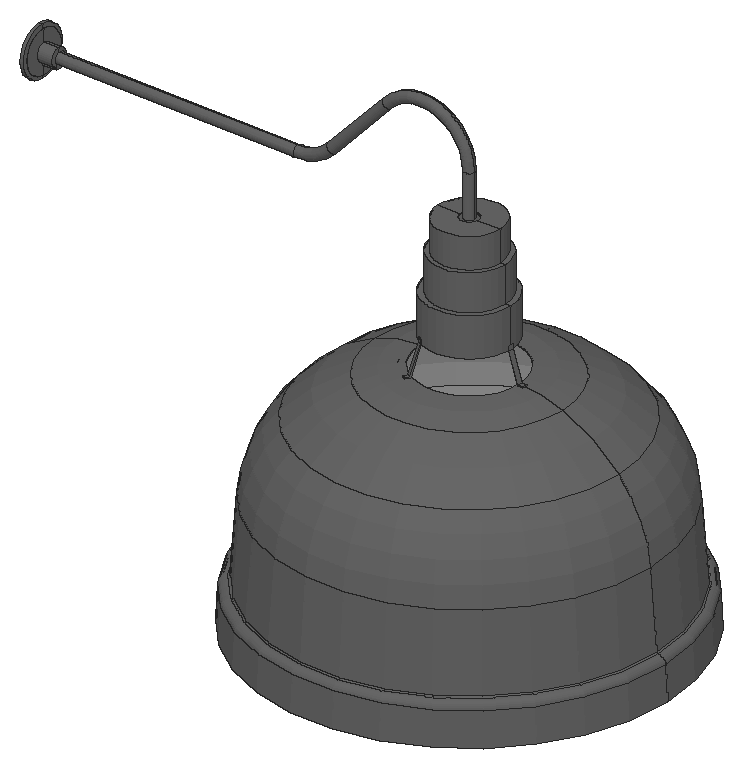
Revit family "OSUL LED 38", category Lighting Fixtures, Revit 2020
Family settings
  Round Connector Dimension = Use Diameter
  Part Type = Normal
  OmniClass Number = 23.80.70.00
  OmniClass Title = Lighting
  Work Plane-Based = No
  Always vertical = Yes
  Cut with Voids When Loaded = No
  Light Source = Yes
  Shared = No
  Room Calculation Point = No
Parameters (values of type "OSUL38")
  b = 0' - 2"
  a = 2' - 4"
  Weight = "17.0 lbs"
  Wattage Comments = "37 W"
  Wattage = 26.9284 W
  Warranty = "5 year limited warranty"  # constant formula
  built-in parameter 1150110 = 1 (stored number, unit not read)
  Voltage = 120 V
  URL = "https://www.anplighting.com/assets/Uploads/product-attachments/specification-sheets/ANP-Specification-Sheet-RLM-LED-OSUL38.pdf"
  built-in parameter 1114217 = 1 (stored number, unit not read)
  Tilt Angle = 90.00°
  built-in parameter 1150109 = 1 (stored number, unit not read)
  built-in parameter 1150134 = 12
  built-in parameter 1150113 = 1 (stored number, unit not read)
  Photometric Web File = "OSUL38M037LDNW40K.IES"
  OSUL38 = yes
  Mounting Option [instance] = 4
  Power Factor = 1
  Post Mount [instance] = Mounting Option = 5  # no
  Placement X axis side [instance] = if(Post Mount, 2' 2 15/32", if(Cord or Stem Mount, 0' 0", if(E36 20 inch, 1' 8 1/4", if(E 6 26 inch, 2' 2", if(E7 41 inch, 3' 5 1/4", 0' 1")))))  # 3' - 5 1/4"
  Model = "OSUL38"
  Manufacturer = "ANP Lighting"  # constant formula
  built-in parameter 1150105 = 318.31 (stored number, unit not read)
  Lumens = 4000 lm
  built-in parameter 1150115 = 1 (stored number, unit not read)
  Load Classification = Lighting
  Light Source Height [instance] = 0' - 0"
  built-in parameter 1150137 = (empty or 0)
  built-in parameter 1150139 = (empty or 0)
  Light Elevation _2 [instance] = if(Post Mount, 0' 0.66142", if(E7 41 inch, 0' 0.66142", if(E36 20 inch, 0' 1.65748", if(E 6 26 inch, 0' 1.53543", if(Cord or Stem Mount, (0' 4.3622" + Cord Length), 0' 0")))))  # 0' - 0.66142"
  Light Elevation _1 [instance] = if(Post Mount, 0' 0", if(E7 41 inch, 0' 0", if(E36 20 inch, 0' 1", if(E 6 26 inch, 0' 0.87402", if(Cord or Stem Mount, (0' 3.66142" + Cord Length), 0' 0")))))  # 0' - 0"
  Light Elevation [instance] = if(Post Mount, 14' 0.5315", if(E7 41 inch, 0' 0", 0' 0"))  # 0' - 0"
  Life = "L70 50,000 hours"  # constant formula
  built-in parameter 1150112 = 1 (stored number, unit not read)
  built-in parameter 1150114 = 1 (stored number, unit not read)
  Lamp = "LED"
  built-in parameter 1150132 = 2
  built-in parameter 1150102 = (empty or 0)
  built-in parameter 1150107 = 4000 (stored number, unit not read)
  built-in parameter 1150138 = (empty or 0)
  built-in parameter 1150106 = 3.1831 (stored number, unit not read)
  INSIDE BODY = Default
  Fixture Height = 2' - 11"
  Fixture Diameter = 3' - 2"
  Efficiency = "65-125 lumens per watt"  # constant formula
  built-in parameter 1150104 = 13.8 (stored number, unit not read)
  E7 41 inch [instance] = Mounting Option = 4  # yes
  E36 20 inch [instance] = Mounting Option = 3  # no
  E 6 26 inch [instance] = Mounting Option = 2  # no
  Dimming Lamp Color Temperature Shift = <None>
  Dimming = "1%"  # constant formula
  Description = "120-277 Voltage"  # constant formula
  Default Elevation = 0' - 0"
  Cord or Stem Mount [instance] = Mounting Option = 1  # no
  Cord Length option [instance] = 0
  Cord Length [instance] = if([2' Cord], 2' 0", if([4' Cord], 4' 0", if([8' Cord], 8' 0", if([10' Cord], 10' 0", if([6' Cord], 6' 0", 6' 0")))))  # 6' - 0"
  Construction Material = "Heavy Duty spun aluminum."  # constant formula
  Color Filter = 16777215
  Canopy Body = body
  CRI = ">90"  # constant formula
  Bulb = Glass
  Body Material = body
  Body Colour = "Spun aluminium"  # constant formula
  built-in parameter 1114218 = 1 (stored number, unit not read)
  built-in parameter 1150133 = 10 (stored number, unit not read)
  Apparent Load = 37 VA
  8' Cord [instance] = Cord Length option = 8  # no
  6' Cord [instance] = Cord Length option = 6  # no
  4' Cord [instance] = Cord Length option = 4  # no
  2' Cord [instance] = Cord Length option = 2  # no
  10' Cord [instance] = Cord Length option = 10  # no
Reference planes (in)
  plane 1 "Light Source Axis (F/B)": y = 0
  plane 2: z = 0
  plane 3 "Light Source Axis (L/R)": x = 0
  plane 4 "Light Source Elevation": z = 0
  plane 5: z = 0
  plane 6: x = 41.25
  plane 7 "Bulb Position": z = -0.66142
  plane 8 "Canopy Position": z = 0
  plane 9 "IES": z = -0.66142
  plane 10: z = 164.5315
  plane 11: z = -28
  plane 12: z = -26
  plane 13: z = -23.56887
Dimensions and locks (in)
  "Light Elevation": plane 5 to plane 2
  "Placement X axis side": plane 6 to plane 3 "Light Source Axis (L/R)"
  "Light Elevation _2": plane 5 to plane 7 "Bulb Position"
  "Light Elevation _1": plane 5 to plane 8 "Canopy Position"
  "Light Source Height": plane 7 "Bulb Position" to plane 9 "IES"
  plane 4 "Light Source Elevation" to plane 2 = 0' - 0"
  "a": plane 8 "Canopy Position" to plane 11
  "b": plane 12 to plane 11
  locked: plane 13 to plane 12 at 2.43113
  aligned and locked: level to plane 2
  aligned and locked: plane 1 "Light Source Axis (F/B)" to nested 5
  aligned and locked: nested 5 to plane 2
  aligned and locked: nested 1 to plane 3 "Light Source Axis (L/R)"
  aligned and locked: plane 3 "Light Source Axis (L/R)" to nested 2
  aligned and locked: plane 3 "Light Source Axis (L/R)" to nested 4
  aligned and locked: nested 3 to plane 5
  aligned and locked: plane 3 "Light Source Axis (L/R)" to nested 3
  aligned and locked: plane 3 "Light Source Axis (L/R)" to nested 5
  aligned and locked: plane 1 "Light Source Axis (F/B)" to nested 2
  aligned and locked: plane 1 "Light Source Axis (F/B)" to nested 1
  aligned and locked: plane 1 "Light Source Axis (F/B)" to nested 4
  aligned and locked: plane 1 "Light Source Axis (F/B)" to nested 3
  aligned and locked: plane 2 to nested 1
  aligned and locked: nested 2 to plane 2
  aligned and locked: nested 4 to plane 2
  aligned and locked: plane 6 to imposter light
  aligned and locked: imposter light to plane 12
  aligned and locked: plane 1 "Light Source Axis (F/B)" to nested 6
  aligned and locked: plane 6 to nested 6
  aligned and locked: nested 6 to plane 8 "Canopy Position"
Nested families (in)
  nested 1: "CORD OR STEM MOUNT" at (0, 0, -75.67), visible <- "Cord or Stem Mount", Cord or Stem Mount <- "Cord or Stem Mount", Body Material <- "Body Material", Light Elevation <- "Light Elevation", Cord Length <- "Cord Length", 10' Cord <- "10' Cord", 2' Cord <- "2' Cord", 4' Cord <- "4' Cord", 6' Cord <- "6' Cord", 8' Cord <- "8' Cord", type "CORD OR STEM MOUNT"
    with Light Elevation 0' - 0", Cord or Stem Mount no, Cord Length 6' - 0", Body Material body, 8' Cord no, 6' Cord no, 4' Cord no, 2' Cord no, 10' Cord no
  nested 2: "E6 26 INCH" at (41.25, 0, 0), visible <- "E 6 26 inch", Chain Length <- "Cord Length", E 6 26 inch <- "E 6 26 inch", Placement X axis side <- "Placement X axis side", Body Material <- "Body Material", Light Elevation <- "Light Elevation", type "E6 26 INCH"
    with Placement X axis side 3' - 5 1/4", Light Elevation 0' - 0", E 6 26 inch no, Chain Length 6' - 0", Body Material body
  nested 3: "E7 41 INCH" at (41.25, 0, 0), Chain Length <- "Cord Length", visible <- "E7 41 inch", E7 41 inch <- "E7 41 inch", Placement X axis side <- "Placement X axis side", Body Material <- "Body Material", Light Elevation <- "Light Elevation", type "E7 41 INCH"
    with Placement X axis side 3' - 5 1/4", Light Elevation 0' - 0", E7 41 inch yes, Chain Length 6' - 0", Body Material body
  nested 4: "E36 20 INCH" at (41.25, 0, 0), visible <- "E36 20 inch", E36 20 inch <- "E36 20 inch", Placement X axis side <- "Placement X axis side", Chain Length <- "Cord Length", Body Material <- "Body Material", Light Elevation <- "Light Elevation", type "E36 20 INCH"
    with Placement X axis side 3' - 5 1/4", Light Elevation 0' - 0", E36 20 inch no, Chain Length 6' - 0", Body Material body
  nested 5: "POST MOUNT" at (41.25, 0, 0), visible <- "Post Mount", Post Mount <- "Post Mount", Placement X axis side <- "Placement X axis side", Chain Length <- "Cord Length", Body Material <- "Body Material", Light Elevation <- "Light Elevation", type "POST MOUNT"
    with Post Mount no, Placement X axis side 3' - 5 1/4", Light Elevation 0' - 0", Chain Length 6' - 0", Body Material body
  nested 6: "OSUL38 A" at (41.25, 0, 0), Body <- "Canopy Body", Bulb <- "Bulb", INSIDE BODY <- "INSIDE BODY", Light Elevation <- "Light Elevation", type "OSUL38 A"
    with UL 438 yes, Light Elevation 0' - 0", INSIDE BODY Default, Bulb Glass, Body body
Definition of nested family "E7 41 INCH"
  Parameters (values of type "E7 41 INCH")
    URL = ""
    Placement X axis side [instance] = 4' - 2"
    Model = ""
    Manufacturer = ""
    Light Elevation [instance] = 8' - 4"
    E7 41 inch [instance] = yes
    Default Elevation = 0' - 0"
    Chain Length [instance] = 0' - 0"
    Body Material [instance] = none
  Reference planes (in)
    plane 1 "Light Source Axis (F/B)": y = 0
    plane 2: z = 0
    plane 3 "Light Source Axis (L/R)": x = 0
    plane 4 "Light Source Elevation": z = 23.125
    plane 5: z = 100
    plane 6: x = -50
  Forms (in)
    Extrusion 1, void, not visible
      sketch origin (0, 0, 2.38154) x (1, 0, 0) y (0, 0, 1)
        loop
          circle (0, 4.59925) r 0.16583
      from 1.18594 to 1.75
    Extrusion 2, void, not visible
      sketch origin (0, 0, 2.38154) x (0.707107, -0.707107, 0) y (0, 0, 1)
        loop
          circle (0, 4.59925) r 0.16583
      from 1.18594 to 1.75
    Extrusion 3, void, not visible
      sketch origin (0, 0, 2.38154) x (0.707107, 0.707107, 0) y (0, 0, 1)
        loop
          circle (0, 4.59925) r 0.16583
      from 1.18594 to 1.75
    Extrusion 4, void, not visible
      sketch origin (0, 0, 2.38154) x (0, 1, 0) y (0, 0, 1)
        loop
          circle (0, 4.59925) r 0.16583
      from 1.18594 to 1.75
    Extrusion 5, void, not visible
      sketch origin (0, 0, 2.38154) x (-0.707107, 0.707107, 0) y (0, 0, 1)
        loop
          circle (0, 4.59925) r 0.16583
      from 1.18594 to 1.75
    Extrusion 6, void, not visible
      sketch origin (0, 0, 2.38154) x (-1, 0, 0) y (0, 0, 1)
        loop
          circle (0, 4.59925) r 0.20678
      from 1.18594 to 1.75
    Extrusion 7, void, not visible
      sketch origin (0, 0, 2.38154) x (-0.707107, -0.707107, 0) y (0, 0, 1)
        loop
          circle (0, 4.59925) r 0.16583
      from 1.18594 to 1.75
    Extrusion 8, void, not visible
      sketch origin (0, 0, 2.38154) x (0, -1, 0) y (0, 0, 1)
        loop
          circle (0, 4.59925) r 0.16583
      from 1.18594 to 1.75
    Revolve 9, solid, material <- "Body Material", visible <- "E7 41 inch"
      sketch origin (-41.25, 0, 168.39193) x (1, 0, 0) y (0, 0, 1)
        loop
          line (-8.75, -66.20443) -> (-8.75, -68.51693) -> (-6.87, -68.51693) -> (-6.87, -67.69272) -> (-8.2974, -67.69272) -> (-8.2974, -66.54122) -> (-8.41875, -66.54122) -> (-8.41875, -66.20443) -> (-8.75, -66.20443)
        axis (-8.75, -68.51693) -> (-6.87, -68.51693)
      angle from 0 to 360
    Extrusion 10, solid, material <- "Body Material", visible <- "E7 41 inch"
      sketch origin (-41.25, 0, 168.39193) x (0, -1, 0) y (0, 0, -1)
        loop
          line (0.25, 68.51693) -> (0.25, 69.51693) -> (-0.25, 69.51693) -> (-0.25, 68.51693) -> (0.25, 68.51693)
      from -8.2974 to -6.87
    Sweep 11, solid, material <- "Body Material", visible <- "E7 41 inch"
      path origin (-41.25, 0, 168.39193) x (1, 0, 0) y (0, 0, 1)
        loop
          line (-6.87, -68.51693) -> (16.04011, -68.51693)
          arc (16.04011, -68.51693) -> (17.864, -68.13651) -> (19.38375, -67.0587) r 4.5625
          line (19.38375, -67.0587) -> (24.70217, -61.33018)
          arc (24.70217, -61.33018) -> (29.64465, -60.20324) -> (32.5, -64.39193) r 4.5
          line (32.5, -64.39193) -> (32.5, -68.39193)
      profile origin (-36.66494, 0, 99.875) x (0, 0, 1) y (0, -1, 0)
        loop
          circle (0, 0) r 0.5
  Dimensions and locks (in)
    "Placement X axis side": plane 3 "Light Source Axis (L/R)" to plane 6
    "Light Elevation": plane 5 to plane 2
    locked: Revolve 9 sketch curve to Revolve 9 sketch curve at 0.33125
    locked: Revolve 9 sketch curve to Revolve 9 sketch curve at 0.4526
    locked: Revolve 9 sketch curve to Revolve 9 sketch curve at 1.88
    locked: Revolve 9 sketch curve to Revolve 9 sketch curve at 0.82421
    locked: Revolve 9 sketch curve to Revolve 9 sketch curve at 1.1515
    locked: Revolve 9 sketch curve to Revolve 9 sketch curve at 0.33679
    locked: plane 5 to Revolve 9 sketch curve at 0.125
    locked: Extrusion 10 sketch curve to Extrusion 10 sketch curve at 0.5
    locked: Extrusion 10 sketch curve to Extrusion 10 sketch curve at 1
    locked: plane 5 to Extrusion 10 sketch curve at 0.125
    locked: plane 5 to Sweep 11 sketch curve at 0.125
    locked: Sweep 11 sketch curve to Sweep 11 sketch curve at 39.37
    locked: Sweep 11 sketch curve to Sweep 11 sketch curve at 4
    locked: plane 6 to Extrusion 10 at 0.4526
    locked: Sweep 11 sketch curve to plane 6 at 1.88
    locked: Extrusion 10 to Extrusion 10 at 1.4274
    aligned and locked: plane 2 to level
    aligned and locked: Revolve 9 sketch curve to plane 6
  Automatic sketch dimensions
    Revolve 9 sketch curve to plane 5 = 0' - 0 1/8"
    plane 6 to Revolve 9 sketch curve = 0' - 0.62562"
    Revolve 9 sketch curve to Revolve 9 sketch curve = 0' - 0 1/2"
    plane 1 "Light Source Axis (F/B)" to Extrusion 10 sketch curve = 0' - 0 1/4"
    Sweep 11 sketch curve to plane 5 = 0' - 0"
    Sweep 11 sketch curve to Sweep 11 sketch curve = 0' - 4 1/2"
    Sweep 11 sketch curve to Sweep 11 sketch curve = 0' - 3.29783"
    plane 5 to Sweep 11 sketch curve = 0' - 1.33323"
    Sweep 11 sketch curve to Sweep 11 sketch curve = 0' - 5.31842"
    Sweep 11 sketch curve to Sweep 11 sketch curve = 0' - 3.34364"
    profile plane to Sweep 11 sketch curve = 0' - 0"
    Sweep 11 sketch curve to profile plane = 0' - 0"
    radius of Sweep 11 sketch curve = 0' - 0 1/2"
Definition of nested family "OSUL38 A"
  Parameters (values of type "OSUL38 A")
    UL 438 [instance] = yes
    Light Elevation [instance] = 0' - 0"
    INSIDE BODY [instance] = none
    Default Elevation = 0' - 0"
    Bulb [instance] = none
    Body [instance] = none
  Reference planes (in)
    plane 1 "Center (Front/Back)": y = 0
    plane 2: z = 0
    plane 3 "Center (Left/Right)": x = 0
    plane 4: z = 0
  Dimensions and locks (in)
    "Light Elevation": plane 4 to plane 2
    aligned and locked: plane 2 to level
    aligned and locked: plane 3 "Center (Left/Right)" to nested 1
    aligned and locked: plane 1 "Center (Front/Back)" to nested 1
    aligned and locked: plane 4 to nested 1
  Nested families (in)
    nested 1: "Family12" at (0, 0, -35), INSIDE BODY <- "INSIDE BODY", Bulb <- "Bulb", Body <- "Body", visible <- "UL 438", UL 438 <- "UL 438", type "Family12"
      with UL 438 yes, INSIDE BODY none, Bulb none, Body none
  Definition of nested family "Family12"
    Parameters (values of type "Family12")
      UL 438 [instance] = yes
      INSIDE BODY [instance] = none
      Default Elevation = 0' - 0"
      Bulb [instance] = none
      Body [instance] = none
    Reference planes (in)
      plane 1 "Center (Front/Back)": y = 0
      plane 2: z = 0
      plane 3 "Center (Left/Right)": x = 0
      plane 4: z = 13
    Forms (in)
      Revolve 1, solid, material <- "Body", visible <- "UL 438"
        sketch origin (0, 0, 0) x (1, 0, 0) y (0, 0, 1)
          loop
            line (18.94502, 0) -> (18.99509, 0) -> (18.82991, 3.1518)
            arc (18.82991, 3.1518) -> (18.59674, 3.62946) -> (18.09106, 3.79322) r 0.67966
            arc (18.09106, 3.79322) -> (17.9871, 3.82604) -> (17.93711, 3.92293) r 0.14187
            arc (17.93711, 3.92293) -> (17.66844, 7.46444) -> (17.44371, 11.00902) r 286.43879
            arc (17.44371, 11.00902) -> (16.46184, 14.69776) -> (14.31066, 17.85106) r 11.32974
            arc (14.31066, 17.85106) -> (11.8073, 19.95163) -> (8.92192, 21.48582) r 15.63164
            arc (8.92192, 21.48582) -> (6.875, 22.09214) -> (4.75, 22.29676) r 11.13679
            line (4.75, 22.29676) -> (4.75, 22.24676)
            arc (4.75, 22.24676) -> (6.86546, 22.04306) -> (8.90319, 21.43946) r 11.08679
            arc (8.90319, 21.43946) -> (11.77934, 19.91018) -> (14.27469, 17.81633) r 15.58164
            arc (14.27469, 17.81633) -> (16.4162, 14.67733) -> (17.39384, 11.00532) r 11.27974
            arc (17.39384, 11.00532) -> (17.61859, 7.46055) -> (17.88728, 3.91884) r 286.48879
            arc (17.88728, 3.91884) -> (17.95488, 3.7878) -> (18.09548, 3.74341) r 0.19187
            arc (18.09548, 3.74341) -> (18.56396, 3.5917) -> (18.77998, 3.14918) r 0.62966
            line (18.77998, 3.14918) -> (18.94502, 0)
          loop
            line (0.85843, 35) -> (0.85843, 34.95) -> (2.95, 34.95) -> (2.95, 32.07709) -> (3.4019, 32.07709) -> (3.4019, 28.68389) -> (3.9019, 28.68389) -> (3.9019, 24.99951) -> (3.9519, 24.99951) -> (3.9519, 28.73389) -> (3.4519, 28.73389) -> (3.4519, 32.12709) -> (3, 32.12709) -> (3, 35) -> (0.85843, 35)
          axis (0, 35) -> (0, 0)
        angle from 0 to 360
      Extrusion 2, solid, material <- "Body", visible <- "UL 438"
        sketch origin (0, 0.2138, 0) x (1, 0, 0) y (0, 0, 1)
          loop
            line (3.94877, 24.98389) -> (4.80962, 22.26551) -> (5.29604, 22.26551) -> (5.29604, 22.34377) -> (4.83728, 22.34377) -> (3.99877, 24.99161) -> (3.99877, 25.38023) -> (3.94877, 25.38023) -> (3.94877, 24.98389)
        from 0 to 0.4276
      Extrusion 3, solid, material <- "Body", visible <- "UL 438"
        sketch origin (0.18515, -0.1069, 0) x (-0.5, -0.866025, 0) y (0, 0, 1)
          loop
            line (3.94877, 24.98389) -> (4.80962, 22.26551) -> (5.29604, 22.26551) -> (5.29604, 22.34377) -> (4.83728, 22.34377) -> (3.99877, 24.99161) -> (3.99877, 25.38023) -> (3.94877, 25.38023) -> (3.94877, 24.98389)
        from 0 to 0.4276
      Extrusion 4, solid, material <- "Body", visible <- "UL 438"
        sketch origin (-0.18515, -0.1069, 0) x (-0.5, 0.866025, 0) y (0, 0, 1)
          loop
            line (3.94877, 24.98389) -> (4.80962, 22.26551) -> (5.29604, 22.26551) -> (5.29604, 22.34377) -> (4.83728, 22.34377) -> (3.99877, 24.99161) -> (3.99877, 25.38023) -> (3.94877, 25.38023) -> (3.94877, 24.98389)
        from 0 to 0.4276
      Revolve 5, solid, material <- "INSIDE BODY", visible <- "UL 438"
        sketch origin (0, 0, 0) x (1, 0, 0) y (0, 0, 1)
          loop
            line (5.42701, 22.07767) -> (5.42701, 22.02754)
            arc (5.42701, 22.02754) -> (8.25121, 21.46159) -> (10.85104, 20.2217) r 11.67997
            arc (10.85104, 20.2217) -> (12.82945, 18.77826) -> (14.61519, 17.10232) r 19.86204
            arc (14.61519, 17.10232) -> (16.39912, 14.19111) -> (17.21897, 10.87669) r 11.15535
            arc (17.21897, 10.87669) -> (17.44206, 7.34757) -> (17.71225, 3.82174) r 264.92049
            arc (17.71225, 3.82174) -> (17.76709, 3.65109) -> (17.92533, 3.56691) r 0.23834
            arc (17.92533, 3.56691) -> (18.02207, 3.56878) -> (18.11883, 3.56777) r 3.26551
            arc (18.11883, 3.56777) -> (18.17088, 3.5615) -> (18.22082, 3.54555) r 0.27732
            arc (18.22082, 3.54555) -> (18.31359, 3.51041) -> (18.39866, 3.45939) r 0.55793
            arc (18.39866, 3.45939) -> (18.56418, 3.27215) -> (18.63526, 3.03256) r 0.57845
            arc (18.63526, 3.03256) -> (18.72928, 1.51698) -> (18.79685, 0) r 87.069
            line (18.79685, 0) -> (18.84688, 0)
            arc (18.84688, 0) -> (18.77926, 1.51875) -> (18.68514, 3.03609) r 87.119
            arc (18.68514, 3.03609) -> (18.60791, 3.29639) -> (18.42809, 3.49982) r 0.62845
            arc (18.42809, 3.49982) -> (18.33683, 3.5547) -> (18.2374, 3.59282) r 0.60793
            arc (18.2374, 3.59282) -> (18.17989, 3.61071) -> (18.12009, 3.61776) r 0.32732
            arc (18.12009, 3.61776) -> (18.02368, 3.61878) -> (17.92728, 3.61701) r 3.31551
            arc (17.92728, 3.61701) -> (17.80324, 3.68585) -> (17.76243, 3.82172) r 0.18834
            arc (17.76243, 3.82172) -> (17.49206, 7.34937) -> (17.26884, 10.88032) r 264.87049
            arc (17.26884, 10.88032) -> (16.44516, 14.21063) -> (14.65248, 17.13565) r 11.20535
            arc (14.65248, 17.13565) -> (12.86186, 18.81635) -> (10.87796, 20.26384) r 19.91204
            arc (10.87796, 20.26384) -> (8.26525, 21.50962) -> (5.42701, 22.07767) r 11.72997
          axis (0, 0) -> (0, 22.07767)
        angle from 0 to 360
      Revolve 6, solid, material <- "Bulb", visible <- "UL 438"
        sketch origin (0, 0, -0.05) x (1, 0, 0) y (0, 0, 1)
          loop
            line (2.12796, 15) -> (4.5, 15) -> (4.5, 15.05) -> (2.10744, 15.05)
            arc (2.10744, 15.05) -> (1.99708, 15.00597) -> (1.94733, 14.89805) r 0.16033
            arc (1.94733, 14.89805) -> (1.34233, 13.58556) -> (0, 13.05) r 1.95
            line (0, 13.05) -> (0, 13)
            arc (0, 13) -> (1.36972, 13.54265) -> (1.99616, 14.87613) r 2
            arc (1.99616, 14.87613) -> (2.03752, 14.96417) -> (2.12796, 15) r 0.13205
          axis (0, 15.05) -> (0, 13)
        angle from 0 to 360
    Dimensions and locks (in)
      locked: Revolve 6 to plane 2 at 15
      plane 4 to plane 2 = 1' - 1"
      aligned and locked: plane 2 to level
Definition of nested family "CORD OR STEM MOUNT"
  Parameters (values of type "CORD OR STEM MOUNT")
    URL = ""
    Model = ""
    Manufacturer = ""
    Light Elevation [instance] = 1' - 7.69"
    Default Elevation = 0' - 0"
    Cord or Stem Mount [instance] = yes
    Cord Length [instance] = 6' - 0"
    Body Material [instance] = none
    8' Cord [instance] = no
    6' Cord [instance] = no
    4' Cord [instance] = no
    2' Cord [instance] = no
    10' Cord [instance] = no
  Reference planes (in)
    plane 1 "Light Source Axis (F/B)": y = 0
    plane 2: z = 0
    plane 3 "Light Source Axis (L/R)": x = 0
    plane 4 "Light Source Elevation": z = 23.125
    plane 5: z = 91.69
    plane 6: z = 19.69
  Forms (in)
    Extrusion 1, void, not visible
      sketch origin (0, 0, 2.38154) x (1, 0, 0) y (0, 0, 1)
        loop
          circle (0, 4.59925) r 0.16583
      from 1.18594 to 1.75
    Extrusion 2, void, not visible
      sketch origin (0, 0, 2.38154) x (0.707107, -0.707107, 0) y (0, 0, 1)
        loop
          circle (0, 4.59925) r 0.16583
      from 1.18594 to 1.75
    Extrusion 3, void, not visible
      sketch origin (0, 0, 2.38154) x (0.707107, 0.707107, 0) y (0, 0, 1)
        loop
          circle (0, 4.59925) r 0.16583
      from 1.18594 to 1.75
    Extrusion 4, void, not visible
      sketch origin (0, 0, 2.38154) x (0, 1, 0) y (0, 0, 1)
        loop
          circle (0, 4.59925) r 0.16583
      from 1.18594 to 1.75
    Extrusion 5, void, not visible
      sketch origin (0, 0, 2.38154) x (-0.707107, 0.707107, 0) y (0, 0, 1)
        loop
          circle (0, 4.59925) r 0.16583
      from 1.18594 to 1.75
    Extrusion 6, void, not visible
      sketch origin (0, 0, 2.38154) x (-1, 0, 0) y (0, 0, 1)
        loop
          circle (0, 4.59925) r 0.20678
      from 1.18594 to 1.75
    Extrusion 7, void, not visible
      sketch origin (0, 0, 2.38154) x (-0.707107, -0.707107, 0) y (0, 0, 1)
        loop
          circle (0, 4.59925) r 0.16583
      from 1.18594 to 1.75
    Extrusion 8, void, not visible
      sketch origin (0, 0, 2.38154) x (0, -1, 0) y (0, 0, 1)
        loop
          circle (0, 4.59925) r 0.16583
      from 1.18594 to 1.75
    Revolve 9, solid, material <- "Body Material", visible <- "Cord or Stem Mount"
      sketch origin (0, 0, 174.56698) x (1, 0, 0) y (0, 0, 1)
        loop
          line (2.6875, -79.20698) -> (0, -79.20698) -> (0, -82.87698) -> (0.125, -82.87698) -> (0.125, -82.83698) -> (0.75, -82.83698)
          arc (0.75, -82.83698) -> (0.81694, -82.77004) -> (0.75, -82.7031) r 0.06694
          line (0.75, -82.7031) -> (0.89763, -82.7031) -> (1.00223, -82.5985) -> (1.06587, -82.5985)
          arc (1.06587, -82.5985) -> (1.80099, -82.29401) -> (2.10549, -81.55888) r 1.03962
          line (2.10549, -81.55888) -> (2.10549, -81.03899)
          arc (2.10549, -81.03899) -> (2.12951, -80.981) -> (2.1875, -80.95698) r 0.08201
          line (2.1875, -80.95698) -> (2.1875, -80.70698) -> (2.6875, -80.70698) -> (2.6875, -79.20698)
        axis (0, -79.20698) -> (0, -82.87698)
      angle from 0 to 360
    Revolve 10, solid, material <- "Body Material", visible <- "Cord or Stem Mount"
      sketch origin (0, 0, 0) x (1, 0, 0) y (0, 0, 1)
        loop
          line (0, 91.69) -> (-0.125, 91.69) -> (-0.125, 19.69) -> (0, 19.69) -> (0, 91.69)
        axis (0, 19.69) -> (0, 91.69)
      angle from 0 to 360
  Dimensions and locks (in)
    "Light Elevation": plane 6 to plane 2
    "Cord Length": plane 5 to plane 6
    locked: Revolve 10 sketch curve to Revolve 10 sketch curve at 0.125
    aligned and locked: level to plane 2
    aligned and locked: Revolve 10 sketch curve to plane 3 "Light Source Axis (L/R)"
    aligned and locked: Revolve 10 sketch curve to plane 6
    aligned and locked: Revolve 10 sketch curve to plane 5
    aligned and locked: plane 3 "Light Source Axis (L/R)" to Revolve 10 sketch curve
  Automatic sketch dimensions
    Revolve 9 sketch curve to plane 3 "Light Source Axis (L/R)" = 0' - 0"  (x2)
    Revolve 9 sketch curve to plane 5 = 0' - 0"
    plane 3 "Light Source Axis (L/R)" to Revolve 9 sketch curve = 0' - 0 1/8"
    Revolve 9 sketch curve to plane 5 = 0' - 0.17388"
    Revolve 9 sketch curve to Revolve 9 sketch curve = 0' - 0 5/8"
    Revolve 9 sketch curve to Revolve 9 sketch curve = 0' - 0.14763"
    Revolve 9 sketch curve to plane 5 = 0' - 0.27847"
    Revolve 9 sketch curve to Revolve 9 sketch curve = 0' - 0.1046"
    Revolve 9 sketch curve to Revolve 9 sketch curve = 0' - 0.06364"
    Revolve 9 sketch curve to Revolve 9 sketch curve = 0' - 1.03962"
    Revolve 9 sketch curve to Revolve 9 sketch curve = 0' - 0 21/256"
    Revolve 9 sketch curve to Revolve 9 sketch curve = 0' - 0 1/2"  (x2)
    Revolve 9 sketch curve to Revolve 9 sketch curve = 0' - 0.51989"
    Revolve 9 sketch curve to Revolve 9 sketch curve = 0' - 0 1/4"
    Revolve 9 sketch curve to Revolve 9 sketch curve = 0' - 2.3519"
    Revolve 9 sketch curve to Revolve 9 sketch curve = 0' - 1 1/4"
    Revolve 9 sketch curve to Revolve 9 sketch curve = 0' - 0.04"
    Revolve 10 sketch curve to Revolve 10 sketch curve = 0' - 0 1/2"
    Revolve 10 sketch curve to Revolve 10 sketch curve = 0' - 0.42345"
Definition of nested family "E6 26 INCH"
  Parameters (values of type "E6 26 INCH")
    URL = ""
    Placement X axis side [instance] = 2' - 2"
    Model = ""
    Manufacturer = ""
    Light Elevation [instance] = 8' - 4"
    E 6 26 inch [instance] = yes
    Default Elevation = 0' - 0"
    Chain Length [instance] = 0' - 0"
    Body Material [instance] = none
  Reference planes (in)
    plane 1 "Light Source Axis (F/B)": y = 0
    plane 2: z = 0
    plane 3 "Light Source Axis (L/R)": x = 0
    plane 4 "Light Source Elevation": z = 23.125
    plane 5: z = 100
    plane 6: x = -26
    plane 7: z = 99.125
    plane 8: x = -24.12
    plane 9: x = -25.5474
  Forms (in)
    Extrusion 1, void, not visible
      sketch origin (0, 0, 2.38154) x (1, 0, 0) y (0, 0, 1)
        loop
          circle (0, 4.59925) r 0.16583
      from 1.18594 to 1.75
    Extrusion 2, void, not visible
      sketch origin (0, 0, 2.38154) x (0.707107, -0.707107, 0) y (0, 0, 1)
        loop
          circle (0, 4.59925) r 0.16583
      from 1.18594 to 1.75
    Extrusion 3, void, not visible
      sketch origin (0, 0, 2.38154) x (0.707107, 0.707107, 0) y (0, 0, 1)
        loop
          circle (0, 4.59925) r 0.16583
      from 1.18594 to 1.75
    Extrusion 4, void, not visible
      sketch origin (0, 0, 2.38154) x (0, 1, 0) y (0, 0, 1)
        loop
          circle (0, 4.59925) r 0.16583
      from 1.18594 to 1.75
    Extrusion 5, void, not visible
      sketch origin (0, 0, 2.38154) x (-0.707107, 0.707107, 0) y (0, 0, 1)
        loop
          circle (0, 4.59925) r 0.16583
      from 1.18594 to 1.75
    Extrusion 6, void, not visible
      sketch origin (0, 0, 2.38154) x (-1, 0, 0) y (0, 0, 1)
        loop
          circle (0, 4.59925) r 0.20678
      from 1.18594 to 1.75
    Extrusion 7, void, not visible
      sketch origin (0, 0, 2.38154) x (-0.707107, -0.707107, 0) y (0, 0, 1)
        loop
          circle (0, 4.59925) r 0.16583
      from 1.18594 to 1.75
    Extrusion 8, void, not visible
      sketch origin (0, 0, 2.38154) x (0, -1, 0) y (0, 0, 1)
        loop
          circle (0, 4.59925) r 0.16583
      from 1.18594 to 1.75
    Sweep 9, solid, material <- "Body Material", visible <- "E 6 26 inch"
      path origin (-41.25, 0, 168.51693) x (1, 0, 0) y (0, 0, 1)
        loop
          line (17.13, -68.51693) -> (27.68551, -68.51693)
          arc (27.68551, -68.51693) -> (28.47996, -68.34486) -> (29.13202, -67.8595) r 1.92004
          line (29.13202, -67.8595) -> (34.23651, -62.01155)
          arc (34.23651, -62.01155) -> (38.65464, -60.89667) -> (41.25, -64.64193) r 4
          line (41.25, -64.64193) -> (41.25, -69.39193)
      profile origin (-18.84224, 0, 100) x (0, 0, 1) y (0, -1, 0)
        loop
          circle (0, 0) r 0.5
    Revolve 10, solid, material <- "Body Material", visible <- "E 6 26 inch"
      sketch origin (-26, 0, 168.51693) x (1, 0, 0) y (0, 0, 1)
        loop
          line (0, -66.07943) -> (0, -68.51693) -> (1.88, -68.51693) -> (1.88, -67.69272) -> (0.4526, -67.69272) -> (0.4526, -66.54122) -> (0.33125, -66.54122) -> (0.33125, -66.07943) -> (0, -66.07943)
        axis (0, -68.51693) -> (1.88, -68.51693)
      angle from 0 to 360
    Extrusion 11, solid, material <- "Body Material", visible <- "E 6 26 inch"
      sketch origin (-26, 0, 168.51693) x (0, -1, 0) y (0, 0, -1)
        loop
          line (0.25, 68.51693) -> (0.25, 69.51693) -> (-0.25, 69.51693) -> (-0.25, 68.51693) -> (0.25, 68.51693)
      from 0.4526 to 1.88
  Cuts and joins
    joined: Revolve 10, Extrusion 11
  Dimensions and locks (in)
    "Light Elevation": plane 5 to plane 2
    "Placement X axis side": plane 3 "Light Source Axis (L/R)" to plane 6
    locked: plane 5 to plane 7 at 0.875
    Revolve 10 sketch curve to Revolve 10 sketch curve to Revolve 10 sketch curve to plane 6 = 0' - 1.4274" locked, 0' - 0.12135" locked, 0' - 0.33125" locked
    Revolve 10 sketch curve to Revolve 10 sketch curve to Revolve 10 sketch curve to plane 5 = 0' - 0.46179" locked, 0' - 1.1515" locked, 0' - 0 211/256" locked
    locked: Sweep 9 sketch curve to plane 6 at 1.88
    locked: Sweep 9 sketch curve to Sweep 9 sketch curve at 10.55551
    locked: Sweep 9 sketch curve to Sweep 9 sketch curve at 13.56449
    locked: Sweep 9 sketch curve to Sweep 9 sketch curve at 4.75
    locked: plane 9 to plane 6 at 0.4526
    locked: plane 8 to plane 9 at 1.4274
    aligned and locked: level to plane 2
    aligned and locked: Revolve 10 sketch curve to plane 6
    aligned and locked: plane 5 to Revolve 10 sketch curve
    aligned and locked: Revolve 10 sketch curve to plane 5
    aligned and locked: cut or joined group of Revolve 10, Extrusion 11 to plane 9
    aligned and locked: plane 8 to cut or joined group of Revolve 10, Extrusion 11
  Automatic sketch dimensions
    Sweep 9 sketch curve to plane 5 = 0' - 0"
    Sweep 9 sketch curve to Sweep 9 sketch curve = 0' - 4"
    Sweep 9 sketch curve to Sweep 9 sketch curve = 0' - 3.01349"
    plane 5 to Sweep 9 sketch curve = 0' - 0.65743"
    Sweep 9 sketch curve to Sweep 9 sketch curve = 0' - 1.4465"
    Sweep 9 sketch curve to plane 5 = 0' - 0 7/8"
    profile plane to Sweep 9 sketch curve = 0' - 0"
    Sweep 9 sketch curve to profile plane = 0' - 0"
    plane 6 to Revolve 10 sketch curve = 0' - 0.62562"
    Revolve 10 sketch curve to Revolve 10 sketch curve = 0' - 0 1/2"
    Extrusion 11 sketch curve to plane 5 = 0' - 0"
    plane 1 "Light Source Axis (F/B)" to Extrusion 11 sketch curve = 0' - 0 1/4"
    Extrusion 11 sketch curve to plane 1 "Light Source Axis (F/B)" = 0' - 0 1/4"
    plane 5 to Extrusion 11 sketch curve = 0' - 1"
    radius of Sweep 9 sketch curve = 0' - 0 1/2"
Definition of nested family "E36 20 INCH"
  Parameters (values of type "E36 20 INCH")
    URL = ""
    Placement X axis side [instance] = 1' - 8 1/4"
    Model = ""
    Manufacturer = ""
    Light Elevation [instance] = 8' - 4"
    E36 20 inch [instance] = yes
    Default Elevation = 0' - 0"
    Chain Length [instance] = 0' - 0"
    Body Material [instance] = none
  Reference planes (in)
    plane 1 "Light Source Axis (F/B)": y = 0
    plane 2: z = 0
    plane 3 "Light Source Axis (L/R)": x = 0
    plane 4 "Light Source Elevation": z = 23.125
    plane 5: z = 99
    plane 6: x = -20.25
    plane 7: z = 100
    plane 8: x = -18.37008
    plane 9: x = -19.79724
  Forms (in)
    Extrusion 1, void, not visible
      sketch origin (0, 0, 2.38154) x (1, 0, 0) y (0, 0, 1)
        loop
          circle (0, 4.59925) r 0.16583
      from 1.18594 to 1.75
    Extrusion 2, void, not visible
      sketch origin (0, 0, 2.38154) x (0.707107, -0.707107, 0) y (0, 0, 1)
        loop
          circle (0, 4.59925) r 0.16583
      from 1.18594 to 1.75
    Extrusion 3, void, not visible
      sketch origin (0, 0, 2.38154) x (0.707107, 0.707107, 0) y (0, 0, 1)
        loop
          circle (0, 4.59925) r 0.16583
      from 1.18594 to 1.75
    Extrusion 4, void, not visible
      sketch origin (0, 0, 2.38154) x (0, 1, 0) y (0, 0, 1)
        loop
          circle (0, 4.59925) r 0.16583
      from 1.18594 to 1.75
    Extrusion 5, void, not visible
      sketch origin (0, 0, 2.38154) x (-0.707107, 0.707107, 0) y (0, 0, 1)
        loop
          circle (0, 4.59925) r 0.16583
      from 1.18594 to 1.75
    Extrusion 6, void, not visible
      sketch origin (0, 0, 2.38154) x (-1, 0, 0) y (0, 0, 1)
        loop
          circle (0, 4.59925) r 0.20678
      from 1.18594 to 1.75
    Extrusion 7, void, not visible
      sketch origin (0, 0, 2.38154) x (-0.707107, -0.707107, 0) y (0, 0, 1)
        loop
          circle (0, 4.59925) r 0.16583
      from 1.18594 to 1.75
    Extrusion 8, void, not visible
      sketch origin (0, 0, 2.38154) x (0, -1, 0) y (0, 0, 1)
        loop
          circle (0, 4.59925) r 0.16583
      from 1.18594 to 1.75
    Sweep 9, solid, material <- "Body Material", visible <- "E36 20 inch"
      path origin (-41.25, 0, 169.51693) x (1, 0, 0) y (0, 0, 1)
        loop
          line (22.88, -69.51693) -> (28.93827, -69.51693)
          arc (28.93827, -69.51693) -> (29.97705, -69.28152) -> (30.81284, -68.62128) r 2.40953
          line (30.81284, -68.62128) -> (34.13807, -64.50378)
          arc (34.13807, -64.50378) -> (38.58272, -63.24548) -> (41.25, -67.01693) r 4
          line (41.25, -67.01693) -> (41.25, -70.51693)
      profile origin (-15.34086, 0, 100) x (0, 0, 1) y (0, -1, 0)
        loop
          circle (0, 0) r 0.5
    Revolve 10, solid, material <- "Body Material", visible <- "E36 20 inch"
      sketch origin (-20.25, 0, 169.51693) x (1, 0, 0) y (0, 0, 1)
        loop
          line (0, -67.20443) -> (0, -69.51693) -> (1.88, -69.51693) -> (1.88, -68.69272) -> (0.4526, -68.69272) -> (0.4526, -67.54122) -> (0.33125, -67.54122) -> (0.33125, -67.20443) -> (0, -67.20443)
        axis (0, -69.51693) -> (1.88, -69.51693)
      angle from 0 to 360
    Extrusion 11, solid, material <- "Body Material", visible <- "E36 20 inch"
      sketch origin (-20.25, 0, 169.51693) x (0, -1, 0) y (0, 0, -1)
        loop
          line (0.25, 69.51693) -> (0.25, 70.51693) -> (-0.25, 70.51693) -> (-0.25, 69.51693) -> (0.25, 69.51693)
      from 1.87992 to 0.45276
  Cuts and joins
    joined: Revolve 10, Extrusion 11
  Dimensions and locks (in)
    "Light Elevation": plane 7 to plane 2
    "Placement X axis side": plane 3 "Light Source Axis (L/R)" to plane 6
    locked: plane 7 to plane 5 at 1
    Revolve 10 sketch curve to Revolve 10 sketch curve to Revolve 10 sketch curve to plane 7 = 0' - 0.33679" locked, 0' - 1.1515" locked, 0' - 0 211/256" locked
    locked: Sweep 9 sketch curve to plane 6 at 1.88
    locked: Sweep 9 sketch curve to Sweep 9 sketch curve at 6.05827
    locked: Sweep 9 sketch curve to Sweep 9 sketch curve at 12.31173
    locked: Sweep 9 sketch curve to Sweep 9 sketch curve at 3.5
    Revolve 10 sketch curve to Revolve 10 sketch curve to Revolve 10 sketch curve to plane 6 = 0' - 1.4274" locked, 0' - 0.12135" locked, 0' - 0.33125" locked
    locked: plane 9 to plane 6 at 0.45276
    locked: plane 8 to plane 9 at 1.42717
    aligned and locked: level to plane 2
    aligned and locked: plane 7 to Revolve 10 sketch curve
    aligned and locked: Revolve 10 sketch curve to plane 7
    aligned and locked: Revolve 10 sketch curve to plane 6
    aligned and locked: cut or joined group of Revolve 10, Extrusion 11 to plane 9
    aligned and locked: plane 8 to cut or joined group of Revolve 10, Extrusion 11
  Automatic sketch dimensions
    Sweep 9 sketch curve to plane 7 = 0' - 0"
    Sweep 9 sketch curve to plane 5 = 0' - 0"
    Sweep 9 sketch curve to Sweep 9 sketch curve = 0' - 4"
    Sweep 9 sketch curve to plane 7 = 0' - 0.89565"
    Sweep 9 sketch curve to Sweep 9 sketch curve = 0' - 3.32523"
    Sweep 9 sketch curve to Sweep 9 sketch curve = 0' - 1.87457"
    profile plane to Sweep 9 sketch curve = 0' - 0"
    Sweep 9 sketch curve to profile plane = 0' - 0"
    plane 6 to Revolve 10 sketch curve = 0' - 0.62562"
    Revolve 10 sketch curve to Revolve 10 sketch curve = 0' - 0 1/2"
    plane 7 to Extrusion 11 sketch curve = 0' - 0"
    Extrusion 11 sketch curve to plane 5 = 0' - 0"
    plane 1 "Light Source Axis (F/B)" to Extrusion 11 sketch curve = 0' - 0 1/4"
    Extrusion 11 sketch curve to plane 1 "Light Source Axis (F/B)" = 0' - 0 1/4"
    radius of Sweep 9 sketch curve = 0' - 0 1/2"
Definition of nested family "POST MOUNT"
  Parameters (values of type "POST MOUNT")
    URL = ""
    Post Mount [instance] = yes
    Placement X axis side [instance] = 2' - 2 1/2"
    Model = ""
    Manufacturer = ""
    Light Elevation [instance] = 14' - 0.5168"
    Default Elevation = 0' - 0"
    Chain Length [instance] = 0' - 0"
    Body Material [instance] = none
  Reference planes (in)
    plane 1 "Light Source Axis (F/B)": y = 0
    plane 2: z = 0
    plane 3 "Light Source Axis (L/R)": x = 0
    plane 4 "Light Source Elevation": z = 23.125
    plane 5: x = -26.5
    plane 6: z = 168.5168
  Forms (in)
    Extrusion 1, void, not visible
      sketch origin (0, 0, 2.38154) x (1, 0, 0) y (0, 0, 1)
        loop
          circle (0, 4.59925) r 0.16583
      from 1.18594 to 1.75
    Extrusion 2, void, not visible
      sketch origin (0, 0, 2.38154) x (0.707107, -0.707107, 0) y (0, 0, 1)
        loop
          circle (0, 4.59925) r 0.16583
      from 1.18594 to 1.75
    Extrusion 3, void, not visible
      sketch origin (0, 0, 2.38154) x (0.707107, 0.707107, 0) y (0, 0, 1)
        loop
          circle (0, 4.59925) r 0.16583
      from 1.18594 to 1.75
    Extrusion 4, void, not visible
      sketch origin (0, 0, 2.38154) x (0, 1, 0) y (0, 0, 1)
        loop
          circle (0, 4.59925) r 0.16583
      from 1.18594 to 1.75
    Extrusion 5, void, not visible
      sketch origin (0, 0, 2.38154) x (-0.707107, 0.707107, 0) y (0, 0, 1)
        loop
          circle (0, 4.59925) r 0.16583
      from 1.18594 to 1.75
    Extrusion 6, void, not visible
      sketch origin (0, 0, 2.38154) x (-1, 0, 0) y (0, 0, 1)
        loop
          circle (0, 4.59925) r 0.20678
      from 1.18594 to 1.75
    Extrusion 7, void, not visible
      sketch origin (0, 0, 2.38154) x (-0.707107, -0.707107, 0) y (0, 0, 1)
        loop
          circle (0, 4.59925) r 0.16583
      from 1.18594 to 1.75
    Extrusion 8, void, not visible
      sketch origin (0, 0, 2.38154) x (0, -1, 0) y (0, 0, 1)
        loop
          circle (0, 4.59925) r 0.16583
      from 1.18594 to 1.75
    Revolve 9, solid, material <- "Body Material", visible <- "Post Mount"
      sketch origin (-7.90508, 0, 0) x (1, 0, 0) y (0, 0, 1)
        loop
          line (-18.59492, 3.92912) -> (-16.29831, 3.92912) -> (-16.29831, 4.2668) -> (-16.91413, 4.2668) -> (-16.91413, 134.5168) -> (-17.16413, 134.5168) -> (-17.16413, 137.3918) -> (-17.05979, 137.3918)
          arc (-17.05979, 137.3918) -> (-16.93479, 137.5168) -> (-17.05979, 137.6418) r 0.125
          line (-17.05979, 137.6418) -> (-17.48032, 137.6418) -> (-17.48032, 139.0793) -> (-17.73032, 139.0793) -> (-17.73032, 139.5793) -> (-18.59492, 139.5793) -> (-18.59492, 3.92912)
        axis (-18.59492, 139.5793) -> (-18.59492, 3.92912)
      angle from 0 to 360
    Extrusion 10, solid, material <- "Body Material", visible <- "Post Mount"
      sketch origin (0, 0, 0) x (1, 0, 0) y (0, 1, 0)
        loop
          line (-20.5, 5.93079) -> (-32.5, 5.93079) -> (-32.5, -6.06921) -> (-20.5, -6.06921) -> (-20.5, 5.93079)
      from 0 to 3.92912
    Sweep 11, solid, material <- "Body Material", visible <- "Post Mount"
      path origin (0, 0, 48.5) x (1, 0, 0) y (0, 0, 1)
        loop
          line (0, 120.0168) -> (0, 128.0168)
          arc (0, 128.0168) -> (-13.25, 141.2668) -> (-26.5, 128.0168) r 13.25
          line (-26.5, 128.0168) -> (-26.5, 91.0793)
      profile origin (0, 0, 172.5168) x (-1, 0, 0) y (0, -1, 0)
        loop
          circle (0, 0) r 0.5
    Revolve 12, solid, material <- "Body Material", visible <- "Post Mount"
      sketch origin (0, 0, 0) x (1, 0, 0) y (0, 0, 1)
        loop
          line (0, 168.5168) -> (0.75, 168.5168) -> (0.75, 170.7668) -> (0, 170.7668) -> (0, 168.5168)
        axis (0, 170.7668) -> (0, 168.5168)
      angle from 0 to 360
  Cuts and joins
    joined: Revolve 9, Extrusion 10, Sweep 11, Revolve 12
  Dimensions and locks (in)
    "Placement X axis side": plane 3 "Light Source Axis (L/R)" to plane 5
    "Light Elevation": plane 6 to plane 2
    locked: Revolve 12 sketch curve to plane 5 at 26.5  (x2)
    locked: Revolve 9 sketch curve to plane 2 at 3.92912
    locked: Revolve 9 sketch curve to plane 5 at 2.29661
    locked: Revolve 9 sketch curve to plane 5 at 1.68079
    locked: Revolve 9 sketch curve to plane 5 at 1.43079
    locked: Revolve 9 sketch curve to plane 5 at 1.11461
    locked: Revolve 9 sketch curve to plane 5 at 0.86461
    locked: Revolve 9 sketch curve to Revolve 9 sketch curve at 130.58768
    locked: Revolve 9 sketch curve to Revolve 9 sketch curve at 2.875
    locked: Revolve 9 sketch curve to Revolve 9 sketch curve at 0.25
    locked: Revolve 9 sketch curve to Revolve 9 sketch curve at 1.4375
    locked: Revolve 9 sketch curve to Revolve 9 sketch curve at 0.5
    locked: Sweep 11 sketch curve to Sweep 11 sketch curve at 26.5
    locked: Revolve 12 sketch curve to Revolve 12 sketch curve at 0.75
    locked: cut or joined group of Revolve 9, Extrusion 10, Sweep 11, Revolve 12 to plane 2 at 139.5793
    aligned and locked: level to plane 2
    aligned and locked: plane 5 to Sweep 11 sketch curve
    aligned and locked: Revolve 9 sketch curve to plane 5
  Automatic sketch dimensions
    Revolve 9 sketch curve to plane 5 = 0' - 0"
    Revolve 9 sketch curve to Revolve 9 sketch curve = 0' - 0.10434"
    Revolve 9 sketch curve to Revolve 9 sketch curve = 0' - 0.33768"
    Revolve 9 sketch curve to Revolve 9 sketch curve = 0' - 0 1/4"
    Revolve 9 sketch curve to Revolve 9 sketch curve = 0' - 0 7/16"
    Extrusion 10 sketch curve to plane 5 = 0' - 6"
    plane 5 to Extrusion 10 sketch curve = 0' - 6"
    plane 1 "Light Source Axis (F/B)" to Extrusion 10 sketch curve = 0' - 6.06921"
    Extrusion 10 sketch curve to plane 1 "Light Source Axis (F/B)" = 0' - 5.93079"
    Sweep 11 sketch curve to profile plane = 0' - 0"
    profile plane to Sweep 11 sketch curve = 0' - 0"
    Sweep 11 sketch curve to plane 6 = 0' - 0"
    Sweep 11 sketch curve to plane 6 = 0' - 8"
    plane 6 to Sweep 11 sketch curve = 2' - 4 15/16"
    Revolve 12 sketch curve to plane 6 = 0' - 0"
    Revolve 12 sketch curve to plane 6 = 0' - 2 1/4"
    Revolve 12 sketch curve to Revolve 12 sketch curve = 0' - 0 1/2"
    Revolve 12 sketch curve to Revolve 12 sketch curve = 0' - 0"
    radius of Sweep 11 sketch curve = 0' - 0 1/2"
